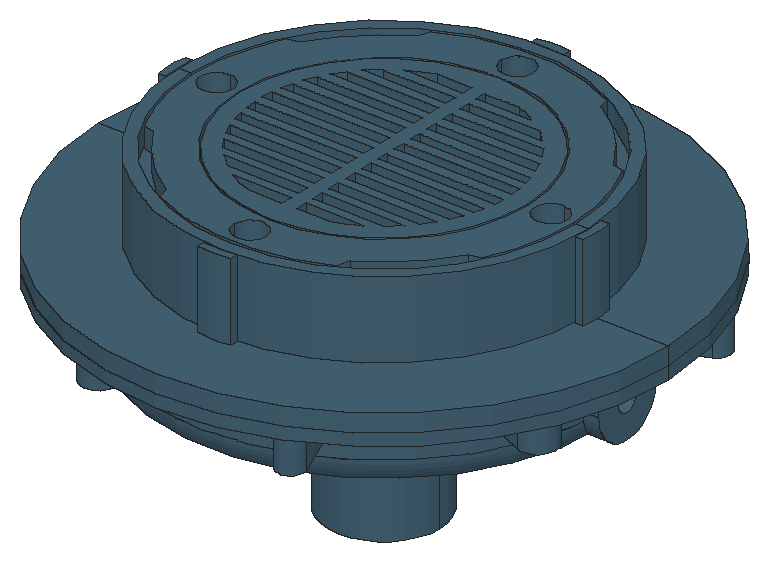
Revit family "Drain_Floor_Top_Diameter_9_Inch_Zurn-Z554-Medium-Duty-1", category Plumbing Fixtures, Revit 2022
Family settings
  Round Connector Dimension = Use Radius
  Part Type = Normal
  OmniClass Number = 23.45.55.21
  OmniClass Title = Drains (Wastes)
  Work Plane-Based = No
  Always vertical = Yes
  Cut with Voids When Loaded = No
  Maintain Annotation Orientation = No
  Shared = No
  Room Calculation Point = No
Parameters (values of type "Load Family Type Catalog")
  ZN-Grate = no
  Z-Grate = yes
  Width = 12.000"  # constant formula
  Waste Connection = 1 = 1  # yes
  WFU = 1  # constant formula
  Vent Connection = 1 = 0  # no
  URL = "www.zurn.com"
  Type Comments = "Z554-2 Inch-No Hub Outlet"
  Top Diameter Inner = 8.625"
  Top Diameter = 9.000"
  Product data url = "https://www.bimobject.com/en-in/zurnindustries/product/zurn-z554-nh"
  Product Page URL = "https://www.zurn.com/products/drainage-interceptors/floor-drains/area-drains/z554"
  Product Documentation Link = "https://files.zurn.com/spec-sheets/z554.pdf"
  Pipe Size_A Nominal Radius = 1.000"
  Pipe Size_A Inside Radius = 1.034"
  Pipe Size_A Outer Radius = 1.188"
  P Trap Primer Connetor = 0.250"  # constant formula
  Modified Date = "12/19/2025"  # constant formula
  Model = "Z554"  # constant formula
  Manufacurer Brand = "Zurn"  # constant formula
  Manufacturer = "Zurn Water, LLC"  # constant formula
  Inside Plate Radius = 4.000"
  Frame and Grate = Iron - Zurn -Cast - Painted - Blue
  Body Height (E) = 4.750"
  HWFU = 0  # constant formula
  HW Connection = 1 = 0  # no
  Grate Open Area Sq.in = 9.000"  # constant formula
  Description = "9 [229] DIAMETER TOP MEDIUM-DUTY DRAIN"  # constant formula
  Default Elevation = 25.000"  # constant formula
  Date Created = "11/13/2018"  # constant formula
  CWFU = 0  # constant formula
  Main Material = Iron - Zurn -Cast - Painted - Blue
  CW Connection = 1 = 0  # no
  Frame Dimension = 2.000"
  Assembly Code = "D2030300"
  Approx. Weight (Lbs) = 21.000"  # constant formula
Reference planes (in)
  plane 1 "Center (Front/Back)": y = 0
  plane 2: z = 0
  plane 3 "Center (Left/Right)": x = 0
  plane 4: x = -6
  plane 5: x = 6
  plane 6: z = -2
  plane 7: z = -6.75
  plane 8: x = -4.3125
  plane 9: x = 4.3125
  plane 10: y = 6
  plane 11: y = -6
  plane 12: z = -0.062
  plane 13: z = -0.437
  plane 14: z = -3.75
  plane 15: z = -2.25
  plane 16: y = 0.594
  plane 17: y = -0.594
  plane 18: y = 3.15457
  plane 19: y = 2.06367
  plane 20: y = 0.97277
  plane 21: y = -0.11812
  plane 22: y = -1.188
  plane 23: y = -2.29992
  plane 24: x = 3.6875
  plane 25: z = -1.625
  plane 26: x = 4.0625
  plane 27: z = -3.312
  plane 28: x = 4.59357
  plane 29: x = 4.84357
  plane 30: x = 5.49819
  plane 31: x = 5.5
  plane 32: y = -0.75
  plane 33: y = 0.75
  plane 34: x = 5.125
  plane 35: through (-4.29444, 1.37228, 48) normal (-0.9205, 0.3907, 0)
  plane 36: through (-5.28581, 2.66065, 48) normal (0.3907, 0.9205, 0)
  plane 37: through (-7.11211, 2.6211, 48) normal (0.3907, 0.9205, 0)
  plane 38: through (-3.22178, -6.62754, 48) normal (-0.9205, 0.3907, 0)
  plane 39: through (-2.59701, -7.07513, 48) normal (-0.9205, 0.3907, 0)
  plane 40: y = 2.0923
  plane 41: x = -4.90659
  plane 42: through (3.94012, -2.20859, 48) normal (-0.9205, 0.3907, 0)
  plane 43: y = -2.06722
  plane 44: x = 4.89263
  plane 45: through (-2.3433, -3.89724, 48) normal (0.3737, 0.9276, 0)
  plane 46: x = -2.07654
  plane 47: y = -4.88926
  plane 48: through (1.33081, 4.31142, 48) normal (0.3907, 0.9205, 0)
  plane 49: x = 2.07497
  plane 50: y = 4.8911
  plane 51: z = -2.937
  plane 52: through (-3.05274, 6.47779, 48) normal (0.9205, 0.3907, 0)
  plane 53: through (-2.91505, 7.59302, 48) normal (0.9205, 0.3907, 0)
  plane 54: through (-6.63122, -2.50961, 48) normal (-0.3907, 0.9205, 0)
  plane 55: through (-6.04107, -2.87018, 48) normal (-0.3907, 0.9205, 0)
  plane 56: through (3.99057, 2.13171, 48) normal (0.9205, 0.3907, 0)
  plane 57: x = 5.23758
  plane 58: y = 2.22286
  plane 59: x = -5.23316
  plane 60: y = -2.22171
  plane 61: through (-4.28626, -1.41704, 48) normal (0.9205, 0.3907, 0)
  plane 62: through (-2.17374, 3.96939, 48) normal (-0.3907, 0.9205, 0)
  plane 63: x = -2.22007
  plane 64: y = 5.23594
  plane 65: through (1.42941, -4.27943, 48) normal (-0.3907, 0.9205, 0)
  plane 66: x = 2.2245
  plane 67: y = -5.2348
  plane 68: z = -3.512
  plane 69: x = -4.5
  plane 70: x = 4.5
  plane 71: y = 0.34375
  plane 72: y = -0.344
  plane 73: x = 1.32528
  plane 74: x = -3.1541
  plane 75: x = -0.344
  plane 76: x = 0.344
  plane 77: y = 4.5
  plane 78: y = -4.5
  plane 79: y = 4.3125
  plane 80: y = -4.3125
  plane 81: x = 3.1541
  plane 82: x = -1.32528
  plane 83: y = -1.32528
  plane 84: y = 3.1541
  plane 85: y = -3.1541
  plane 86: y = 1.32528
  plane 87: y = -3.18928
  plane 88: y = -0.25
  plane 89: y = 0.25
  plane 90: z = -2.687
  plane 91: z = -3.187
  plane 92: z = -2.95164
  plane 93: y = 4.5
  plane 94: y = -4.5
  plane 95: y = 3.68928
  plane 96: z = -3.15625
  plane 97: x = 4.24982
  plane 98: z = 0
  plane 99: x = -4.5
  plane 100: x = 5.25
  plane 101: x = -1.188
  plane 102: x = 1.188
  plane 103: x = -4.5
  plane 104: x = 4.5
  plane 105: x = -1.188
  plane 106: x = 1.188
  plane 107: y = 1.188
  plane 108: x = 2.31119
Forms (in)
  Revolve 1, solid, material "Iron - Zurn -Cast - Painted - Blue" <- "Main Material", detail levels fine
    sketch origin (0, 0, 0) x (1, 0, 0) y (0, 0, 1)
      loop
        line (3.6875, -2) -> (6, -2) -> (6, -1.625) -> (4.3125, -1.625) -> (4.3125, 0) -> (4.0625, 0) -> (4.0625, -0.437) -> (3.6875, -0.437) -> (3.6875, -2)
      axis (0, 0) -> (0, -2)
    angle from 0 to 360
  Revolve 2, solid, material "Iron - Zurn -Cast - Painted - Blue" <- "Main Material", detail levels fine
    sketch origin (0, 0, 0) x (1, 0, 0) y (0, 0, 1)
      loop
        line (5.49819, -2) -> (4.59357, -2.25) -> (4.59357, -3.15625)
        arc (4.59357, -3.15625) -> (4.49289, -3.39932) -> (4.24982, -3.5) r 0.34375
        line (4.24982, -3.5) -> (0, -3.5) -> (0, -3.75) -> (4.24982, -3.75)
        arc (4.24982, -3.75) -> (4.66967, -3.57609) -> (4.84357, -3.15625) r 0.59375
        line (4.84357, -3.15625) -> (4.84357, -2.25) -> (6, -2.25) -> (6, -2) -> (5.49819, -2)
      axis (0, -2) -> (0, -3.75)
    angle from 0 to 360
  Extrusion 3, solid, material "Iron - Zurn -Cast - Painted - Blue" <- "Main Material", detail levels fine
    sketch origin (0, 0, 0) x (1, 0, 0) y (0, 1, 0)
      loop
        circle (0, 0) r 1.034
      loop
        circle (0, 0) r 1.188
    from -3.75 to -6.75
  Extrusion 4, void, detail levels fine
    sketch origin (0, 0, 0) x (0, 1, 0) y (1, 0, 0)
      loop
        circle (0, 0) r 0.517
    from 3.75 to 6.75
  Extrusion 5, solid, material "Iron - Zurn -Cast - Painted - Blue" <- "Main Material", detail levels fine
    sketch origin (0, 0, 0) x (0, 1, 0) y (0, 0, 1)
      loop
        arc (-0.75, -2.95164) -> (0, -3.70164) -> (0.75, -2.95164) r 0.75
        line (0.75, -2.95164) -> (0.75, -2.25) -> (-0.75, -2.25) -> (-0.75, -2.95164)
      loop
        circle (0, -2.937) r 0.25
    from 3.75 to 5.125
  Extrusion 6, solid, material "Iron - Zurn -Cast - Painted - Blue" <- "Main Material", detail levels fine
    sketch origin (0, 0, 0) x (1, 0, 0) y (0, 1, 0)
      loop
        line (5.03916, -1.72203) -> (4.28291, -1.40103) -> (3.98986, -2.09141) -> (4.74611, -2.41241)
        arc (4.74611, -2.41241) -> (5.23782, -2.21375) -> (5.03916, -1.72203) r 0.375
      loop
        arc (-4.76007, 2.43749) -> (-5.25178, 2.23883) -> (-5.05312, 1.74711) r 0.375
        line (-5.05312, 1.74711) -> (-4.27546, 1.41701) -> (-3.98241, 2.10739) -> (-4.76007, 2.43749)
      loop
        line (1.72978, 5.03762) -> (1.40768, 4.27879) -> (2.09806, 3.98574) -> (2.42016, 4.74458)
        arc (2.42016, 4.74458) -> (2.2215, 5.23629) -> (1.72978, 5.03762) r 0.375
      loop
        arc (-2.42173, -4.74274) -> (-2.22307, -5.23445) -> (-1.73136, -5.03579) r 0.375
        line (-1.73136, -5.03579) -> (-1.40802, -4.27405) -> (-2.1038, -3.99373) -> (-2.42173, -4.74274)
    from -2.937 to -2.25
  Extrusion 7, solid, material "Iron - Zurn -Cast - Painted - Blue" <- "Main Material", detail levels fine
    sketch origin (0, 0, 0) x (1, 0, 0) y (0, 1, 0)
      loop
        line (5.12769, 2.48175) -> (4.03828, 2.01932) -> (4.25806, 1.50154) -> (5.34748, 1.96397)
        arc (5.34748, 1.96397) -> (5.49648, 2.33275) -> (5.12769, 2.48175) r 0.28125
      loop
        arc (-5.34305, -1.96282) -> (-5.49205, -2.3316) -> (-5.12327, -2.4806) r 0.28125
        line (-5.12327, -2.4806) -> (-4.03151, -2.01718) -> (-4.2513, -1.4994) -> (-5.34305, -1.96282)
      loop
        arc (-1.96785, 5.36155) -> (-2.33016, 5.49531) -> (-2.48563, 5.14176) r 0.28177
        line (-2.48563, 5.14176) -> (-2.01635, 4.0362) -> (-1.49856, 4.25599) -> (-1.96785, 5.36155)
      loop
        line (2.01612, -4.02408) -> (2.48611, -5.13131)
        arc (2.48611, -5.13131) -> (2.33442, -5.49377) -> (1.96832, -5.35109) r 0.28134
        line (1.96832, -5.35109) -> (1.5006, -4.24922) -> (2.01839, -4.02943)
    from -2.937 to -2.25
  Extrusion 8, solid, material "Iron - Zurn -Cast - Painted - Blue" <- "Main Material", detail levels fine
    sketch origin (0, 0, 0) x (1, 0, 0) y (0, 1, 0)
      loop
        arc (-4.45536, 0.34375) -> (-4.5, -0.00013) -> (-4.4553, -0.344) r 1.3459
        line (-4.4553, -0.344) -> (-4.31249, -0.344)
        arc (-4.31249, -0.344) -> (-4.32298, -0.00013) -> (-4.31251, 0.34375) r 5.64826
        line (-4.31251, 0.34375) -> (-4.45536, 0.34375)
      loop
        line (4.45536, 0.34375) -> (4.31251, 0.34375)
        arc (4.31251, 0.34375) -> (4.32298, -0.00013) -> (4.31249, -0.344) r 5.64826
        line (4.31249, -0.344) -> (4.4553, -0.344)
        arc (4.4553, -0.344) -> (4.5, -0.00013) -> (4.45536, 0.34375) r 1.3459
      loop
        line (-0.344, 4.4553) -> (-0.344, 4.31249)
        arc (-0.344, 4.31249) -> (0, 4.32298) -> (0.344, 4.31249) r 5.64826
        line (0.344, 4.31249) -> (0.344, 4.4553)
        arc (0.344, 4.4553) -> (0, 4.5) -> (-0.344, 4.4553) r 1.3459
      loop
        arc (-0.344, -4.4553) -> (0, -4.5) -> (0.344, -4.4553) r 1.3459
        line (0.344, -4.4553) -> (0.344, -4.31249)
        arc (0.344, -4.31249) -> (0, -4.32298) -> (-0.344, -4.31249) r 5.64826
        line (-0.344, -4.31249) -> (-0.344, -4.4553)
    from -1.625 to 0
  Extrusion 9, solid, material "Iron - Zurn -Cast - Painted - Blue" <- "Frame and Grate", visible <- "ZN-Grate", detail levels fine
    sketch origin (0, 0, 0) x (1, 0, 0) y (0, 1, 0)
      loop
        circle (0, 0) r 4.875
    from -0.062 to 0
  Extrusion 10, void
    sketch origin (-17.3345, -180, -6.75) x (0, -1, 0) y (-1, 0, 0)
      loop
        circle (-180, -17.3345) r 4.08033
      loop
        line (-181.85273, -13.78945) -> (-181.91743, -14.03093)
        arc (-181.91743, -14.03093) -> (-182.70094, -14.63356) -> (-183.30357, -15.41706) r 3.8197
        line (-183.30357, -15.41706) -> (-183.54505, -15.48177)
        arc (-183.54505, -15.48177) -> (-184.00257, -17.3345) -> (-183.54505, -19.18723) r 3.9801
        line (-183.54505, -19.18723) -> (-183.30357, -19.25193)
        arc (-183.30357, -19.25193) -> (-182.70094, -20.03544) -> (-181.91743, -20.63807) r 3.8197
        line (-181.91743, -20.63807) -> (-181.85273, -20.87955)
        arc (-181.85273, -20.87955) -> (-180, -21.3345) -> (-178.14727, -20.87955) r 4
        line (-178.14727, -20.87955) -> (-178.08257, -20.63807)
        arc (-178.08257, -20.63807) -> (-177.29906, -20.03544) -> (-176.69643, -19.25193) r 3.8197
        line (-176.69643, -19.25193) -> (-176.45495, -19.18723)
        arc (-176.45495, -19.18723) -> (-176, -17.3345) -> (-176.45495, -15.48177) r 4
        line (-176.45495, -15.48177) -> (-176.69643, -15.41706)
        arc (-176.69643, -15.41706) -> (-177.29906, -14.63356) -> (-178.08257, -14.03093) r 3.8197
        line (-178.08257, -14.03093) -> (-178.14727, -13.78945)
        arc (-178.14727, -13.78945) -> (-180, -13.3345) -> (-181.85273, -13.78945) r 4
    from -7.12308 to -6.688
  Extrusion 11, void
    sketch origin (-17.3345, -180, -6.75) x (0, -1, 0) y (-1, 0, 0)
      loop
        circle (-183.52, -17.3345) r 0.34576
      loop
        circle (-180, -20.8545) r 0.34576
      loop
        circle (-176.48, -17.3345) r 0.34576
      loop
        circle (-180, -13.8145) r 0.34576
      loop
        line (-182.49454, -16.45552) -> (-182.49454, -17.1915) -> (-182.25182, -17.1915) -> (-182.25182, -15.94726)
        arc (-182.25182, -15.94726) -> (-182.38675, -16.19491) -> (-182.49454, -16.45552) r 2.64488
      loop
        line (-182.48186, -17.47786) -> (-182.48186, -18.18978)
        arc (-182.48186, -18.18978) -> (-182.37617, -18.45031) -> (-182.24323, -18.69804) r 2.625
        line (-182.24323, -18.69804) -> (-182.24323, -17.47786) -> (-182.48186, -17.47786)
      loop
        line (-182.06091, -15.67392) -> (-182.06091, -17.1915) -> (-181.81995, -17.1915) -> (-181.81995, -15.4129)
        arc (-181.81995, -15.4129) -> (-181.94481, -15.53936) -> (-182.06091, -15.67392) r 2.64675
      loop
        line (-181.81368, -17.47786) -> (-182.05232, -17.47786) -> (-182.05232, -18.97138)
        arc (-182.05232, -18.97138) -> (-181.9374, -19.10592) -> (-181.81368, -19.2324) r 2.625
        line (-181.81368, -19.2324) -> (-181.81368, -17.47786)
      loop
        line (-181.62904, -15.24728) -> (-181.62904, -17.1915) -> (-181.38859, -17.1915) -> (-181.38859, -15.08017)
        arc (-181.38859, -15.08017) -> (-181.51113, -15.1604) -> (-181.62904, -15.24728) r 2.6478
      loop
        line (-181.38414, -17.47786) -> (-181.62277, -17.47786) -> (-181.62277, -19.39802)
        arc (-181.62277, -19.39802) -> (-181.50577, -19.48489) -> (-181.38414, -19.56513) r 2.625
        line (-181.38414, -19.56513) -> (-181.38414, -17.47786)
      loop
        line (-181.19768, -14.97248) -> (-181.19768, -17.1915) -> (-180.95746, -17.1915) -> (-180.95746, -14.86533)
        arc (-180.95746, -14.86533) -> (-181.0789, -14.91592) -> (-181.19768, -14.97248) r 2.64846
      loop
        line (-180.95459, -17.47786) -> (-181.19323, -17.47786) -> (-181.19323, -19.67283)
        arc (-181.19323, -19.67283) -> (-181.07524, -19.72938) -> (-180.95459, -19.77998) r 2.625
        line (-180.95459, -19.77998) -> (-180.95459, -17.47786)
      loop
        line (-180.76655, -14.79915) -> (-180.76655, -17.1915) -> (-180.52645, -17.1915) -> (-180.52645, -14.73866)
        arc (-180.52645, -14.73866) -> (-180.64721, -14.7661) -> (-180.76655, -14.79915) r 2.64885
      loop
        line (-180.76368, -17.47786) -> (-180.76368, -19.84615)
        arc (-180.76368, -19.84615) -> (-180.64507, -19.8792) -> (-180.52505, -19.90664) r 2.625
        line (-180.52505, -19.90664) -> (-180.52505, -17.47786) -> (-180.76368, -17.47786)
      loop
        line (-180.33555, -14.70697) -> (-180.33555, -17.1915) -> (-180.0955, -17.1915) -> (-180.0955, -14.68736)
        arc (-180.0955, -14.68736) -> (-180.21575, -14.69444) -> (-180.33555, -14.70697) r 2.64904
      loop
        line (-180.0955, -17.47786) -> (-180.33414, -17.47786) -> (-180.33414, -19.93833)
        arc (-180.33414, -19.93833) -> (-180.21504, -19.95086) -> (-180.0955, -19.95794) r 2.625
        line (-180.0955, -19.95794) -> (-180.0955, -17.47786)
      loop
        line (-179.90459, -14.68736) -> (-179.90459, -17.1915) -> (-179.66455, -17.1915) -> (-179.66455, -14.70697)
        arc (-179.66455, -14.70697) -> (-179.78435, -14.69444) -> (-179.90459, -14.68736) r 2.64904
      loop
        line (-179.90459, -17.47786) -> (-179.90459, -19.95794)
        arc (-179.90459, -19.95794) -> (-179.78505, -19.95086) -> (-179.66595, -19.93833) r 2.625
        line (-179.66595, -19.93833) -> (-179.66595, -17.47786) -> (-179.90459, -17.47786)
      loop
        line (-179.47364, -14.73866) -> (-179.47364, -17.1915) -> (-179.23354, -17.1915) -> (-179.23354, -14.79915)
        arc (-179.23354, -14.79915) -> (-179.35288, -14.7661) -> (-179.47364, -14.73866) r 2.64885
      loop
        line (-179.23641, -17.47786) -> (-179.47505, -17.47786) -> (-179.47505, -19.90664)
        arc (-179.47505, -19.90664) -> (-179.35502, -19.8792) -> (-179.23641, -19.84615) r 2.625
        line (-179.23641, -19.84615) -> (-179.23641, -17.47786)
      loop
        line (-179.04263, -14.86533) -> (-179.04263, -17.1915) -> (-178.80241, -17.1915) -> (-178.80241, -14.97248)
        arc (-178.80241, -14.97248) -> (-178.92119, -14.91592) -> (-179.04263, -14.86533) r 2.64846
      loop
        line (-178.80686, -17.47786) -> (-179.0455, -17.47786) -> (-179.0455, -19.77998)
        arc (-179.0455, -19.77998) -> (-178.92485, -19.72938) -> (-178.80686, -19.67283) r 2.625
        line (-178.80686, -19.67283) -> (-178.80686, -17.47786)
      loop
        line (-178.6115, -15.08017) -> (-178.6115, -17.1915) -> (-178.37105, -17.1915) -> (-178.37105, -15.24728)
        arc (-178.37105, -15.24728) -> (-178.48896, -15.1604) -> (-178.6115, -15.08017) r 2.6478
      loop
        line (-178.37732, -17.47786) -> (-178.61595, -17.47786) -> (-178.61595, -19.56513)
        arc (-178.61595, -19.56513) -> (-178.49432, -19.48489) -> (-178.37732, -19.39802) r 2.625
        line (-178.37732, -19.39802) -> (-178.37732, -17.47786)
      loop
        line (-178.18014, -15.4129) -> (-178.18014, -17.1915) -> (-177.93918, -17.1915) -> (-177.93918, -15.67392)
        arc (-177.93918, -15.67392) -> (-178.05528, -15.53936) -> (-178.18014, -15.4129) r 2.64675
      loop
        line (-177.94777, -17.47786) -> (-178.18641, -17.47786) -> (-178.18641, -19.2324)
        arc (-178.18641, -19.2324) -> (-178.06269, -19.10592) -> (-177.94777, -18.97138) r 2.625
        line (-177.94777, -18.97138) -> (-177.94777, -17.47786)
      loop
        line (-177.74827, -15.94726) -> (-177.74827, -17.1915) -> (-177.50555, -17.1915) -> (-177.50555, -16.45552)
        arc (-177.50555, -16.45552) -> (-177.61335, -16.19491) -> (-177.74827, -15.94726) r 2.64488
      loop
        line (-177.51823, -17.47786) -> (-177.75686, -17.47786) -> (-177.75686, -18.69804)
        arc (-177.75686, -18.69804) -> (-177.62392, -18.45031) -> (-177.51823, -18.18978) r 2.625
        line (-177.51823, -18.18978) -> (-177.51823, -17.47786)
    from -6.75 to -6.688
Cuts and joins
  Extrusion 4 cuts Revolve 2
  Extrusion 4, Extrusion 11 cuts Extrusion 3
  Extrusion 10, Extrusion 11 cuts Extrusion 9
Lines and regions (in)
  Masking region 1, detail levels fine
    outline origin (0, 0, 0) x (1, 0, 0) y (0, 1, 0)
      loop
        circle (0, 0) r 6
  model lines, detail levels coarse+medium
    curve 1: circle (0, 0, 0) r 3.55586 normal (0, 0, 1)
    curve 2: line (-3.55586, 0, 0) -> (3.55586, 0, 0)
    curve 3: line (-3.37321, 1.125, 0) -> (3.37321, 1.125, 0)
    curve 4: line (-2.75348, 2.25, 0) -> (2.75348, 2.25, 0)
    curve 5: line (-1.11961, 3.375, 0) -> (1.11961, 3.375, 0)
    curve 6: line (-3.37321, -1.125, 0) -> (3.37321, -1.125, 0)
    curve 7: line (-2.75348, -2.25, 0) -> (2.75348, -2.25, 0)
    curve 8: line (-1.11961, -3.375, 0) -> (1.11961, -3.375, 0)
    curve 9: line (0, 0, -2.937) -> (5.125, 0, -2.937)
    curve 10: line (5.125, 0, -2.687) -> (5.125, 0, -3.187)
    curve 11: line (5.125, -0.25, -2.937) -> (5.125, 0.25, -2.937)
    curve 12: line (0, 0, 0) -> (0, 0, -6.75)
    curve 13: circle (0, 0, 0) r 4.5 normal (0, 0, 1)
    curve 14: line (-1.188, 0, -6.75) -> (1.188, 0, -6.75)
    curve 15: line (0, -1.188, -6.75) -> (0, 1.188, -6.75)
    curve 16: line (-3.375, 1.11961, 0) -> (-3.375, -1.11961, 0)
    curve 17: line (-2.25, 2.75348, 0) -> (-2.25, -2.75348, 0)
    curve 18: line (-1.125, 3.37321, 0) -> (-1.125, -3.37321, 0)
    curve 19: line (0, 3.55586, 0) -> (0, -3.55586, 0)
    curve 20: line (1.125, 3.37321, 0) -> (1.125, -3.37321, 0)
    curve 21: line (2.25, 2.75348, 0) -> (2.25, -2.75348, 0)
    curve 22: line (3.375, 1.11961, 0) -> (3.375, -1.11961, 0)
Dimensions and locks (in)
  equal spacing: plane 5, plane 3 "Center (Left/Right)", plane 4
  "Frame Dimension": level to plane 6
  "Body Height (E)": plane 6 to plane 7
  level to plane 7 = 6.750"
  "Width": plane 5 to plane 4
  equal spacing: plane 9, plane 3 "Center (Left/Right)", plane 8
  plane 4 to plane 5 = 12.000"
  equal spacing: plane 10, plane 1 "Center (Front/Back)", plane 11
  plane 12 to plane 13 = 0.375"
  "Width": plane 10 to plane 11
  locked: plane 6 to plane 15 at 0.25
  "Pipe Size_A Outer Radius": plane 16 to plane 17
  plane 16 to plane 1 "Center (Front/Back)" to plane 17 = 0.594", 0.594"
  locked: plane 25 to plane 6 at 0.375
  plane 27 to plane 14 = 0.438"
  plane 29 to plane 28 = 0.250"
  plane 5 to plane 31 = 0.500"
  locked: plane 15 to plane 14 at 1.5
  plane 14 to plane 7 = 3.000"
  plane 34 to plane 3 "Center (Left/Right)" = 5.125"
  plane 15 to plane 51 = 0.687"
  locked: plane 26 to plane 24 at 0.375
  plane 68 to plane 14 = 0.238"
  plane 9 to plane 26 = 0.250"
  locked: plane 26 to plane 3 "Center (Left/Right)" at 4.0625
  equal spacing: plane 70, plane 3 "Center (Left/Right)", plane 69
  plane 69 to plane 70 = 9.000"
  plane 8 to plane 9 = 8.625"
  plane 69 to plane 8 = 0.1875"
  plane 9 to plane 70 = 0.1875"
  plane 1 "Center (Front/Back)" to plane 72 = 0.344"
  plane 71 to plane 1 "Center (Front/Back)" = 0.34375"
  plane 75 to plane 3 "Center (Left/Right)" = 0.344"
  plane 3 "Center (Left/Right)" to plane 76 = 0.344"
  equal spacing: plane 77, plane 1 "Center (Front/Back)", plane 78
  equal spacing: plane 79, plane 1 "Center (Front/Back)", plane 80
  plane 88 to plane 1 "Center (Front/Back)" = 0.250"
  plane 1 "Center (Front/Back)" to plane 89 = 0.250"
  plane 90 to plane 51 = 0.250"
  plane 51 to plane 91 = 0.250"
  plane 93 to plane 1 "Center (Front/Back)" to plane 94 = 4.500", 4.500"
  plane 93 to plane 94 = 9.000"
  plane 5 to plane 30 = 0.50181"
  plane 30 to plane 29 = 0.65461"
  plane 13 to plane 6 = 1.563"
  locked: plane 98 to plane 6 at 2
  plane 79 to plane 80 = 8.625"
  plane 77 to plane 78 = 9.000"
  plane 9 to plane 8 = 8.625"
  plane 70 to plane 69 = 9.000"
  plane 100 to plane 3 "Center (Left/Right)" to plane 99 = 5.250", 4.500"
  equal spacing: plane 102, plane 3 "Center (Left/Right)", plane 101
  "Pipe Size_A Outer Radius": plane 3 "Center (Left/Right)" to plane 101
  "Top Diameter": plane 94 to plane 93
  equal spacing: plane 94, plane 1 "Center (Front/Back)", plane 93
  plane 102 to plane 101 = 2.376"
  equal spacing: plane 104, plane 3 "Center (Left/Right)", plane 103
  "Top Diameter": plane 104 to plane 103
  equal spacing: plane 105, plane 3 "Center (Left/Right)", plane 106
  "Pipe Size_A Outer Radius": plane 105 to plane 3 "Center (Left/Right)"
  equal spacing: plane 107, plane 1 "Center (Front/Back)", plane 22
  "Pipe Size_A Outer Radius": plane 1 "Center (Front/Back)" to plane 22
  plane 98 to plane 6 = 2.000"
  level to plane 98 = 0.000"
  equal spacing: plane 94, curve 8, curve 7, curve 6, curve 2, curve 3, curve 4, curve 5, plane 93
  equal spacing: plane 103, curve 16, curve 17, curve 18, curve 19, curve 20, curve 21, curve 22, plane 104
  "Pipe Size_A Inside Radius": diameter of Extrusion 4 sketch curve
  "Top Diameter": diameter of curve 13
  "Pipe Size_A Outer Radius": radius of Extrusion 3 sketch curve
  "Pipe Size_A Inside Radius": radius of Extrusion 3 sketch curve
  aligned and locked: plane 2 to level
  aligned and locked: plane 3 "Center (Left/Right)" to curve 1
  aligned and locked: plane 1 "Center (Front/Back)" to curve 1
  aligned and locked: plane 9 to Revolve 1 sketch curve
  aligned and locked: plane 13 to Revolve 1 sketch curve
  aligned and locked: Revolve 1 sketch curve to plane 24
  aligned and locked: Revolve 1 sketch curve to plane 6
  aligned and locked: plane 25 to Revolve 1 sketch curve
  aligned and locked: plane 5 to Revolve 1 sketch curve
  aligned and locked: Revolve 1 sketch curve to plane 26
  aligned and locked: Revolve 2 sketch curve to plane 14
  aligned and locked: plane 28 to Revolve 2 sketch curve  (x2)
  aligned and locked: plane 29 to Revolve 2 sketch curve  (x2)
  aligned and locked: Revolve 2 sketch curve to plane 5
  aligned and locked: plane 15 to Revolve 2 sketch curve  (x3)
  aligned and locked: plane 3 "Center (Left/Right)" to Revolve 2 sketch curve
  aligned and locked: plane 3 "Center (Left/Right)" to Extrusion 3 sketch curve  (x2)
  aligned and locked: plane 1 "Center (Front/Back)" to Extrusion 3 sketch curve  (x2)
  aligned and locked: Extrusion 3 to plane 7
  aligned and locked: plane 14 to Extrusion 3
  aligned and locked: plane 3 "Center (Left/Right)" to Extrusion 4 sketch curve
  aligned and locked: plane 1 "Center (Front/Back)" to Extrusion 4 sketch curve
  aligned and locked: plane 14 to Extrusion 4
  aligned and locked: Extrusion 4 to plane 7
  aligned and locked: plane 15 to Extrusion 5 sketch curve
  aligned and locked: plane 1 "Center (Front/Back)" to Extrusion 5 sketch curve  (x2)
  aligned and locked: plane 32 to Extrusion 5 sketch curve
  aligned and locked: plane 34 to Extrusion 5
  aligned and locked: plane 35 to Extrusion 6 sketch curve
  aligned and locked: plane 37 to Extrusion 6 sketch curve
  aligned and locked: plane 40 to Extrusion 6 sketch curve
  aligned and locked: plane 41 to Extrusion 6 sketch curve
  aligned and locked: plane 42 to Extrusion 6 sketch curve
  aligned and locked: plane 36 to Extrusion 6 sketch curve
  aligned and locked: plane 43 to Extrusion 6 sketch curve
  aligned and locked: plane 44 to Extrusion 6 sketch curve
  aligned and locked: plane 45 to Extrusion 6 sketch curve
  aligned and locked: plane 38 to Extrusion 6 sketch curve  (x2)
  aligned and locked: plane 46 to Extrusion 6 sketch curve
  aligned and locked: plane 47 to Extrusion 6 sketch curve
  aligned and locked: plane 48 to Extrusion 6 sketch curve
  aligned and locked: plane 49 to Extrusion 6 sketch curve
  aligned and locked: plane 50 to Extrusion 6 sketch curve
  aligned and locked: Extrusion 6 to plane 51
  aligned and locked: plane 15 to Extrusion 6
  aligned and locked: plane 56 to Extrusion 7 sketch curve
  aligned and locked: plane 54 to Extrusion 7 sketch curve
  aligned and locked: plane 58 to Extrusion 7 sketch curve
  aligned and locked: plane 57 to Extrusion 7 sketch curve
  aligned and locked: plane 59 to Extrusion 7 sketch curve
  aligned and locked: plane 60 to Extrusion 7 sketch curve
  aligned and locked: Extrusion 7 sketch curve to plane 54
  aligned and locked: Extrusion 7 sketch curve to plane 55
  aligned and locked: plane 61 to Extrusion 7 sketch curve
  aligned and locked: plane 62 to Extrusion 7 sketch curve
  aligned and locked: plane 53 to Extrusion 7 sketch curve
  aligned and locked: plane 52 to Extrusion 7 sketch curve  (x2)
  aligned and locked: plane 63 to Extrusion 7 sketch curve
  aligned and locked: plane 64 to Extrusion 7 sketch curve
  aligned and locked: Extrusion 7 sketch curve to plane 53
  aligned and locked: plane 65 to Extrusion 7 sketch curve
  aligned and locked: plane 67 to Extrusion 7 sketch curve
  aligned and locked: plane 66 to Extrusion 7 sketch curve
  aligned and locked: Extrusion 7 to Extrusion 6
  aligned and locked: plane 15 to Extrusion 7
  aligned and locked: Extrusion 8 sketch curve to plane 71
  aligned and locked: plane 72 to Extrusion 8 sketch curve
  aligned and locked: Extrusion 8 to plane 25
  aligned and locked: plane 73 to Extrusion 8 sketch curve
  aligned and locked: plane 1 "Center (Front/Back)" to Extrusion 8 sketch curve  (x4)
  aligned and locked: plane 74 to Extrusion 8 sketch curve
  aligned and locked: plane 71 to Extrusion 8 sketch curve
  aligned and locked: Extrusion 8 sketch curve to plane 72
  aligned and locked: plane 81 to Extrusion 8 sketch curve
  aligned and locked: plane 82 to Extrusion 8 sketch curve
  aligned and locked: Extrusion 8 sketch curve to plane 75
  aligned and locked: plane 76 to Extrusion 8 sketch curve
  aligned and locked: plane 83 to Extrusion 8 sketch curve
  aligned and locked: plane 3 "Center (Left/Right)" to Extrusion 8 sketch curve  (x4)
  aligned and locked: plane 84 to Extrusion 8 sketch curve
  aligned and locked: plane 75 to Extrusion 8 sketch curve
  aligned and locked: Extrusion 8 sketch curve to plane 76
  aligned and locked: plane 85 to Extrusion 8 sketch curve
  aligned and locked: plane 86 to Extrusion 8 sketch curve
  aligned and locked: plane 3 "Center (Left/Right)" to curve 9
  aligned and locked: plane 34 to curve 9
  aligned and locked: curve 9 to plane 51
  aligned and locked: plane 90 to curve 10
  aligned and locked: plane 91 to curve 10
  aligned and locked: curve 10 to plane 34
  aligned and locked: plane 51 to Extrusion 5 sketch curve
  aligned and locked: plane 92 to Extrusion 5 sketch curve
  aligned and locked: plane 88 to curve 11
  aligned and locked: plane 89 to curve 11
  aligned and locked: curve 11 to plane 51
  aligned and locked: level to curve 12
  aligned and locked: plane 7 to curve 12
  aligned and locked: curve 12 to plane 3 "Center (Left/Right)"
  aligned and locked: plane 3 "Center (Left/Right)" to Masking region 1 sketch curve
  aligned and locked: plane 1 "Center (Front/Back)" to Masking region 1 sketch curve
  aligned and locked: plane 1 "Center (Front/Back)" to curve 13
  aligned and locked: plane 6 to Revolve 2 sketch curve
  aligned and locked: plane 97 to Revolve 2 sketch curve
  aligned and locked: plane 96 to Revolve 2 sketch curve
  aligned and locked: plane 98 to Revolve 1
  aligned and locked: Extrusion 8 to Revolve 1
  aligned and locked: plane 1 "Center (Front/Back)" to nested 1
  aligned and locked: plane 3 "Center (Left/Right)" to nested 1
  aligned and locked: level to Extrusion 9
  aligned and locked: Extrusion 9 to plane 12
  aligned and locked: plane 105 to curve 14
  aligned and locked: plane 106 to curve 14
  aligned and locked: plane 1 "Center (Front/Back)" to curve 14
  aligned and locked: plane 107 to curve 15
  aligned and locked: plane 22 to curve 15
  aligned and locked: plane 3 "Center (Left/Right)" to curve 15
  aligned and locked: Extrusion 10 sketch curve to nested 1  (x13)
  aligned and locked: Extrusion 10 to plane 12
  aligned and locked: Extrusion 11 sketch curve to nested 1  (x101)
  aligned and locked: level to Extrusion 11
  aligned and locked: Extrusion 11 to plane 12
Automatic sketch dimensions
  Extrusion 6 sketch curve to plane 39 = 0.000"
  Extrusion 7 sketch curve to plane 64 = 0.09418"
  Extrusion 7 sketch curve to Extrusion 7 sketch curve = 0.25617"
  plane 8 to Extrusion 8 sketch curve = 0.00001"
  plane 69 to Extrusion 8 sketch curve = 0.0447"
  plane 80 to Extrusion 8 sketch curve = 0.00001"
  Extrusion 8 sketch curve to plane 79 = 0.00001"
  Extrusion 8 sketch curve to plane 9 = 0.00001"
  Extrusion 8 sketch curve to plane 70 = 0.0447"
  plane 78 to Extrusion 8 sketch curve = 0.0447"
  Extrusion 8 sketch curve to plane 77 = 0.0447"
  Extrusion 7 sketch curve to Extrusion 7 sketch curve = 0.00227"
  Revolve 1 sketch curve to plane 3 "Center (Left/Right)" = 0.000"
  Revolve 1 sketch curve to level = 0.000"
  Revolve 1 sketch curve to plane 7 = 0.250"
  level to Revolve 1 sketch curve = 1.500"
  Revolve 2 sketch curve to Revolve 2 sketch curve = 0.000"
  Revolve 2 sketch curve to plane 3 "Center (Left/Right)" = 0.000"
  Revolve 2 sketch curve to plane 30 = 0.000"
  Revolve 2 sketch curve to plane 7 = 0.60553"
  level to Revolve 2 sketch curve = 0.750"
  plane 1 "Center (Front/Back)" to Extrusion 9 sketch curve = 0.000"
  Extrusion 9 sketch curve to plane 3 "Center (Left/Right)" = 0.000"
  Extrusion 10 sketch curve to Extrusion 10 sketch curve = 0.000"  (x6)
  Extrusion 10 sketch curve to plane 3 "Center (Left/Right)" = 0.000"
  Extrusion 10 sketch curve to Extrusion 10 sketch curve = 0.02247"
  Extrusion 10 sketch curve to Extrusion 10 sketch curve = 0.0647"
  Extrusion 11 sketch curve to Extrusion 11 sketch curve = 0.27334"
  Extrusion 11 sketch curve to Extrusion 11 sketch curve = 0.000"  (x4)
  Extrusion 11 sketch curve to Extrusion 11 sketch curve = 0.1077"
  Extrusion 10 sketch curve to plane 95 = 0.14423"
  Extrusion 10 sketch curve to Extrusion 10 sketch curve = 0.24148"
  curve 1 to curve 13 = 0.000"
  curve 2 to curve 16 = 0.18086"
  radius of Extrusion 5 sketch curve = 0.250"
  radius of Masking region 1 sketch curve = 6.000"
  radius of Extrusion 9 sketch curve = 4.875"
  radius of Extrusion 10 sketch curve = 4.08033"
Nested families (in)
  nested 1: "Inside Plate" at (0, 0, -0.5), Main Material <- "Frame and Grate", type "Inside Plate", detail levels fine
    with Main Material Iron - Zurn -Cast - Painted - Blue, Frame Adjustment Height 3.063"
Connectors (in)
  piping at (0, 0, -6.75), diameter 2, driven by "Waste Connection"
    settings: on cut or joined group of Extrusion 3, Extrusion 4, Extrusion 11, index 2, connector inside diameter 24", connector length 0.000", flow factor 0, pipe flow 0 GPM, pressure drop 0.00 psi, fitting loss kfactor 0, connector angle 0.00°, fixture units 0, engagement length 0.000", angle of deflection 0.00°, flow configuration 0, flow direction 2, fitting loss method 0, system type 16, joint type 0, gender type 0, connector reference index -1, connector utility 1, adjustable connector no, is connector primary yes, connector description "Sanitary Outlet"
  piping at (5.125, 0, -2.937), diameter 0.5, driven by "P Trap Primer Connetor", driven by "CW Connection"
    settings: on Extrusion 5, index 3, connector inside diameter 24", connector length 0.000", flow factor 0, pipe flow 0 GPM, pressure drop 0.00 psi, fitting loss kfactor 0, connector angle 0.00°, fixture units 0, engagement length 0.000", angle of deflection 0.00°, flow configuration 0, flow direction 1, fitting loss method 0, system type 20, joint type 0, gender type 0, connector reference index -1, connector utility 0, adjustable connector no, is connector primary no, connector description "Optional Trap Primer"
Definition of nested family "Inside Plate"
  Parameters (values of type "Inside Plate")
    Waste Connection = 1 = 1  # yes
    WFU = 1  # constant formula
    Vent Connection = 1 = 0  # no
    URL = "www.zurn.com"
    Spacing b/w slots = 0.286"
    Outer Radius = 4.000"
    Product data url = ""
    Product Page URL = ""
    Product Installation Sheet URL = ""
    Product Documentation Link = ""
    Modified Date = ""
    Manufacurer Brand = "Zurn"  # constant formula
    Manufacturer = "Zurn Water, LLC"  # constant formula
    Main Material [instance] = none
    Inside Radius = 3.016"
    HWFU = 0  # constant formula
    HW Connection = 1 = 0  # no
    Grate Open Area = 0 mm
    Frame Adjustment Height [instance] = 3.063"
    Default Elevation = 20.000"  # constant formula
    Date Created = ""
    CWFU = 0  # constant formula
    CW Connection = 1 = 0  # no
    Assembly Code = ""
    Approx. Weight (Lbs) = 0.000"
  Reference planes (in)
    plane 1 "Center (Front/Back)": y = 0
    plane 2: z = 0
    plane 3 "Center (Left/Right)": x = 0
    plane 4: z = 0.5
    plane 5: y = 4
    plane 6: y = 3.52
    plane 7: x = -4
    plane 8: x = -3.52
    plane 9: y = -4
    plane 10: y = -3.52
    plane 11: x = 4
    plane 12: x = 3.52
    plane 13: through (0, 0, 48) normal (-0.7071, -0.7071, 0)
    plane 14: through (0, 0, 48) normal (-0.7071, 0.7071, 0)
    plane 15: through (0, 0, 48) normal (0.7071, -0.7071, 0)
    plane 16: through (0, 0, 48) normal (-0.7071, -0.7071, 0)
    plane 17: through (0, 0, 48) normal (0.7071, 0.7071, 0)
    plane 18: through (0, 0, 48) normal (0.7071, -0.7071, 0)
    plane 19: through (0, 0, 48) normal (-0.7071, 0.7071, 0)
    plane 20: through (0, 0, 48) normal (0.7071, 0.7071, 0)
    plane 21: x = -0.143
    plane 22: x = 0.143
    plane 23: y = 0.0955
    plane 24: y = -0.0955
  Forms (in)
    Extrusion 1, solid, material <- "Main Material"
      sketch origin (-69.40269, -180, 0.5) x (-1, 0, 0) y (0, -1, 0)
        loop
          circle (-69.40269, -180) r 4
      from -0.5 to 0
    Extrusion 2, void
      sketch origin (-69.40269, -180, 0.5) x (0, -1, 0) y (-1, 0, 0)
        loop
          circle (-183.52, -69.40269) r 0.34576
      from 0 to 0.5
    Extrusion 3, void
      sketch origin (180, -69.40269, 0.5) x (1, 0, 0) y (0, -1, 0)
        loop
          circle (-183.52, -69.40269) r 0.34576
      from 0 to 0.5
    Extrusion 4, void
      sketch origin (69.40269, 180, 0.5) x (0, 1, 0) y (1, 0, 0)
        loop
          circle (-183.52, -69.40269) r 0.34576
      from 0 to 0.5
    Extrusion 5, void
      sketch origin (-180, 69.40269, 0.5) x (-1, 0, 0) y (0, 1, 0)
        loop
          circle (-183.52, -69.40269) r 0.34576
      from 0 to 0.5
    Extrusion 6, void
      sketch origin (-69.40269, -180, 0.5) x (0, -1, 0) y (-1, 0, 0)
        loop
          arc (-181.85273, -65.85764) -> (-182.82843, -66.57427) -> (-183.54505, -67.54996) r 4
          line (-183.54505, -67.54996) -> (-183.30357, -67.48526)
          arc (-183.30357, -67.48526) -> (-182.70094, -66.70176) -> (-181.91743, -66.09912) r 3.8197
          line (-181.91743, -66.09912) -> (-181.85273, -65.85764)
      from 0 to 0.5
    Extrusion 7, void
      sketch origin (180, -69.40269, 0.5) x (1, 0, 0) y (0, -1, 0)
        loop
          arc (-181.85273, -65.85764) -> (-182.82843, -66.57427) -> (-183.54505, -67.54996) r 4
          line (-183.54505, -67.54996) -> (-183.30357, -67.48526)
          arc (-183.30357, -67.48526) -> (-182.70094, -66.70176) -> (-181.91743, -66.09912) r 3.8197
          line (-181.91743, -66.09912) -> (-181.85273, -65.85764)
      from 0 to 0.5
    Extrusion 8, void
      sketch origin (69.40269, 180, 0.5) x (0, 1, 0) y (1, 0, 0)
        loop
          arc (-181.85273, -65.85764) -> (-182.82843, -66.57427) -> (-183.54505, -67.54996) r 4
          line (-183.54505, -67.54996) -> (-183.30357, -67.48526)
          arc (-183.30357, -67.48526) -> (-182.70094, -66.70176) -> (-181.91743, -66.09912) r 3.8197
          line (-181.91743, -66.09912) -> (-181.85273, -65.85764)
      from 0 to 0.5
    Extrusion 9, void
      sketch origin (-180, 69.40269, 0.5) x (-1, 0, 0) y (0, 1, 0)
        loop
          arc (-181.85273, -65.85764) -> (-182.82843, -66.57427) -> (-183.54505, -67.54996) r 4
          line (-183.54505, -67.54996) -> (-183.30357, -67.48526)
          arc (-183.30357, -67.48526) -> (-182.70094, -66.70176) -> (-181.91743, -66.09912) r 3.8197
          line (-181.91743, -66.09912) -> (-181.85273, -65.85764)
      from 0 to 0.5
    Extrusion 10, void
      sketch origin (-69.40269, -180, 0.5) x (0, -1, 0) y (-1, 0, 0)
        loop
          circle (-180, -69.40269) r 3.061
      from 0 to 0.5
    Extrusion 11, solid, material <- "Main Material"
      sketch origin (0, 0, 0) x (1, 0, 0) y (0, 1, 0)
        loop
          circle (0, 0) r 3.016
      from 0 to 0.5
    Extrusion 12, void
      sketch origin (0, 0, 0) x (0, 1, 0) y (1, 0, 0)
        loop
          line (2.24323, 1.36355) -> (2.24323, 0.14336) -> (2.48186, 0.14336) -> (2.48186, 0.85529)
          arc (2.48186, 0.85529) -> (2.37617, 1.11581) -> (2.24323, 1.36355) r 2.625
        loop
          line (0.33414, 0.14336) -> (0.33414, 2.60384)
          arc (0.33414, 2.60384) -> (0.21504, 2.61636) -> (0.0955, 2.62345) r 2.625
          line (0.0955, 2.62345) -> (0.0955, 0.14336) -> (0.33414, 0.14336)
        loop
          line (0.52505, 0.14336) -> (0.76368, 0.14336) -> (0.76368, 2.51165)
          arc (0.76368, 2.51165) -> (0.64507, 2.5447) -> (0.52505, 2.57215) r 2.625
          line (0.52505, 2.57215) -> (0.52505, 0.14336)
        loop
          line (0.95459, 0.14336) -> (1.19323, 0.14336) -> (1.19323, 2.33833)
          arc (1.19323, 2.33833) -> (1.07524, 2.39488) -> (0.95459, 2.44548) r 2.625
          line (0.95459, 2.44548) -> (0.95459, 0.14336)
        loop
          line (1.38414, 0.14336) -> (1.62277, 0.14336) -> (1.62277, 2.06352)
          arc (1.62277, 2.06352) -> (1.50577, 2.15039) -> (1.38414, 2.23063) r 2.625
          line (1.38414, 2.23063) -> (1.38414, 0.14336)
        loop
          line (1.81368, 0.14336) -> (2.05232, 0.14336) -> (2.05232, 1.63689)
          arc (2.05232, 1.63689) -> (1.9374, 1.77142) -> (1.81368, 1.8979) r 2.625
          line (1.81368, 1.8979) -> (1.81368, 0.14336)
        loop
          arc (-2.24314, 1.36355) -> (-2.37608, 1.11581) -> (-2.48177, 0.85529) r 2.625
          line (-2.48177, 0.85529) -> (-2.48177, 0.14336) -> (-2.24314, 0.14336) -> (-2.24314, 1.36355)
        loop
          line (-0.33405, 0.14336) -> (-0.09541, 0.14336) -> (-0.09541, 2.62345)
          arc (-0.09541, 2.62345) -> (-0.21495, 2.61636) -> (-0.33405, 2.60384) r 2.625
          line (-0.33405, 2.60384) -> (-0.33405, 0.14336)
        loop
          line (-0.52495, 0.14336) -> (-0.52495, 2.57215)
          arc (-0.52495, 2.57215) -> (-0.64498, 2.5447) -> (-0.76359, 2.51165) r 2.625
          line (-0.76359, 2.51165) -> (-0.76359, 0.14336) -> (-0.52495, 0.14336)
        loop
          line (-0.9545, 0.14336) -> (-0.9545, 2.44548)
          arc (-0.9545, 2.44548) -> (-1.07515, 2.39488) -> (-1.19314, 2.33833) r 2.625
          line (-1.19314, 2.33833) -> (-1.19314, 0.14336) -> (-0.9545, 0.14336)
        loop
          line (-1.38405, 0.14336) -> (-1.38405, 2.23063)
          arc (-1.38405, 2.23063) -> (-1.50568, 2.15039) -> (-1.62268, 2.06352) r 2.625
          line (-1.62268, 2.06352) -> (-1.62268, 0.14336) -> (-1.38405, 0.14336)
        loop
          line (-1.81359, 0.14336) -> (-1.81359, 1.8979)
          arc (-1.81359, 1.8979) -> (-1.93731, 1.77142) -> (-2.05223, 1.63689) r 2.625
          line (-2.05223, 1.63689) -> (-2.05223, 0.14336) -> (-1.81359, 0.14336)
        loop
          arc (2.25182, -1.38724) -> (2.38675, -1.13959) -> (2.49454, -0.87898) r 2.64488
          line (2.49454, -0.87898) -> (2.49454, -0.143) -> (2.25182, -0.143) -> (2.25182, -1.38724)
        loop
          line (0.33555, -0.143) -> (0.0955, -0.143) -> (0.0955, -2.64714)
          arc (0.0955, -2.64714) -> (0.21575, -2.64006) -> (0.33555, -2.62753) r 2.64904
          line (0.33555, -2.62753) -> (0.33555, -0.143)
        loop
          line (0.52645, -0.143) -> (0.52645, -2.59584)
          arc (0.52645, -2.59584) -> (0.64721, -2.5684) -> (0.76655, -2.53534) r 2.64885
          line (0.76655, -2.53534) -> (0.76655, -0.143) -> (0.52645, -0.143)
        loop
          line (0.95746, -0.143) -> (0.95746, -2.46917)
          arc (0.95746, -2.46917) -> (1.0789, -2.41858) -> (1.19768, -2.36202) r 2.64846
          line (1.19768, -2.36202) -> (1.19768, -0.143) -> (0.95746, -0.143)
        loop
          line (1.38859, -0.143) -> (1.38859, -2.25433)
          arc (1.38859, -2.25433) -> (1.51113, -2.1741) -> (1.62904, -2.08722) r 2.6478
          line (1.62904, -2.08722) -> (1.62904, -0.143) -> (1.38859, -0.143)
        loop
          line (1.81995, -0.143) -> (1.81995, -1.92159)
          arc (1.81995, -1.92159) -> (1.94481, -1.79513) -> (2.06091, -1.66058) r 2.64675
          line (2.06091, -1.66058) -> (2.06091, -0.143) -> (1.81995, -0.143)
        loop
          line (-2.25173, -1.38724) -> (-2.25173, -0.143) -> (-2.49445, -0.143) -> (-2.49445, -0.87898)
          arc (-2.49445, -0.87898) -> (-2.38665, -1.13959) -> (-2.25173, -1.38724) r 2.64488
        loop
          line (-0.33545, -0.143) -> (-0.33545, -2.62753)
          arc (-0.33545, -2.62753) -> (-0.21565, -2.64006) -> (-0.09541, -2.64714) r 2.64904
          line (-0.09541, -2.64714) -> (-0.09541, -0.143) -> (-0.33545, -0.143)
        loop
          line (-0.52636, -0.143) -> (-0.76646, -0.143) -> (-0.76646, -2.53534)
          arc (-0.76646, -2.53534) -> (-0.64712, -2.5684) -> (-0.52636, -2.59584) r 2.64885
          line (-0.52636, -2.59584) -> (-0.52636, -0.143)
        loop
          line (-0.95737, -0.143) -> (-1.19759, -0.143) -> (-1.19759, -2.36202)
          arc (-1.19759, -2.36202) -> (-1.07881, -2.41858) -> (-0.95737, -2.46917) r 2.64846
          line (-0.95737, -2.46917) -> (-0.95737, -0.143)
        loop
          line (-1.3885, -0.143) -> (-1.62895, -0.143) -> (-1.62895, -2.08722)
          arc (-1.62895, -2.08722) -> (-1.51104, -2.1741) -> (-1.3885, -2.25433) r 2.6478
          line (-1.3885, -2.25433) -> (-1.3885, -0.143)
        loop
          line (-1.81986, -0.143) -> (-2.06082, -0.143) -> (-2.06082, -1.66058)
          arc (-2.06082, -1.66058) -> (-1.94472, -1.79513) -> (-1.81986, -1.92159) r 2.64675
          line (-1.81986, -1.92159) -> (-1.81986, -0.143)
      from -0.5 to 0
  Cuts and joins
    Extrusion 2, Extrusion 3, Extrusion 4, Extrusion 5, Extrusion 6, Extrusion 7, Extrusion 8, Extrusion 9, Extrusion 10 cuts Extrusion 1
    Extrusion 12 cuts Extrusion 11
  Dimensions and locks (in)
    plane 4 to level = 0.500"
    plane 5 to plane 6 = 0.480"
    plane 7 to plane 8 = 0.480"
    plane 9 to plane 10 = 0.480"
    plane 11 to plane 12 = 0.480"
    equal spacing: plane 21, plane 3 "Center (Left/Right)", plane 22
    equal spacing: plane 23, plane 1 "Center (Front/Back)", plane 24
    plane 3 "Center (Left/Right)" to plane 22 = 0.143"
    plane 23 to plane 1 "Center (Front/Back)" = 0.0955"
    aligned and locked: plane 2 to level
    aligned and locked: plane 1 "Center (Front/Back)" to Extrusion 1 sketch curve
    aligned and locked: Extrusion 1 to level
    aligned and locked: plane 4 to Extrusion 1
    aligned and locked: plane 6 to Extrusion 2 sketch curve
    aligned and locked: Extrusion 2 to level
    aligned and locked: plane 8 to Extrusion 3 sketch curve
    aligned and locked: plane 10 to Extrusion 4 sketch curve
    aligned and locked: plane 12 to Extrusion 5 sketch curve
    aligned and locked: Extrusion 6 to level
    aligned and locked: Extrusion 10 to level
    aligned and locked: plane 1 "Center (Front/Back)" to Extrusion 11 sketch curve
    aligned and locked: plane 3 "Center (Left/Right)" to Extrusion 11 sketch curve
    aligned and locked: plane 4 to Extrusion 11
    aligned and locked: plane 4 to Extrusion 12
    aligned and locked: Extrusion 12 to level
